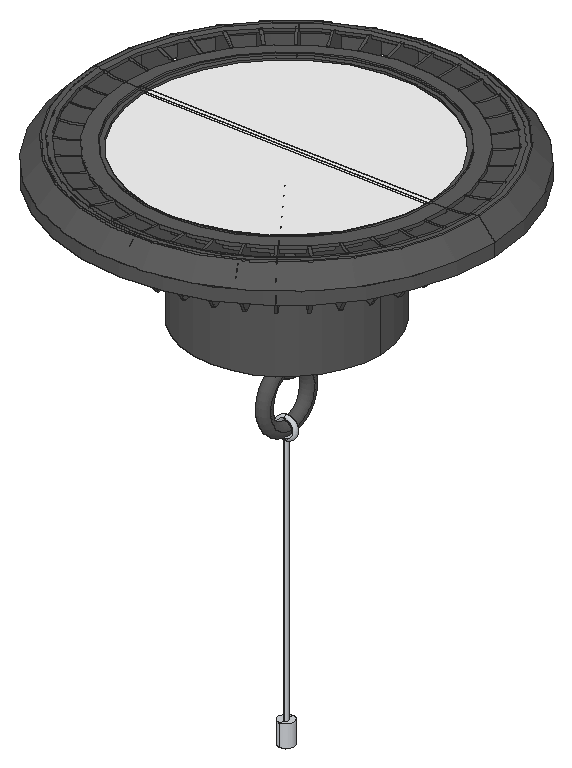
Revit family "0039347 Feilo Sylvania Lighting Fixture START HIGHBAY 4K 13KLM WIDE pendant", category Lighting Fixtures, host Face, Revit 2017
Family settings
  Host = Face
  Round Connector Dimension = Use Diameter
  Part Type = Normal
  OmniClass Number = 23.80.70.00
  OmniClass Title = Lighting
  Cut with Voids When Loaded = No
  Light Source = Yes
  Shared = No
  Room Calculation Point = No
Parameters (values of type "0039347 START HIGHBAY 4K 13KLM WIDE ")
  WidthStraight_FEILO = if(SizeS_FEILO, 3 mm, if(SizeM_FEILO, 4 mm, 4.7 mm))  # 3 mm
  WidthRingChamfer_FEILO = if(SizeS_FEILO, 10.3 mm, if(SizeM_FEILO, 11.2 mm, 12.9 mm))  # 10.3 mm
  WidthCurved_FEILO = if(SizeS_FEILO, 17.4 mm, if(SizeM_FEILO, 16.4 mm, 26.2 mm))  # 17.4 mm
  WidthCurvedRing_FEILO = if(SizeS_FEILO, 3 mm, if(SizeM_FEILO, 4 mm, 4.7 mm))  # 3 mm
  WidthBracket_FEILO = 40 mm
  Weight = "3.0 kg"
  Wattage Comments = ""
  Wattage = 100 W
  WarrantyStartDate [instance] = "n/a"
  WarrantyGuarantorParts = "n/a"
  WarrantyDurationUnit = "n/a"
  WarrantyDurationParts = "n/a"
  WarrantyDescription = "n/a"
  built-in parameter 1150110 = 1 (stored number, unit not read)
  Voltage = 230 V
  VisibilityBracket_FEILO = no
  URL = "http://www.sylvania-lighting.com"
  TypeName = "START HIGHBAY 4K 13KLM WIDE"
  Type Image = <None>
  Type Comments = "n/a"
  built-in parameter 1114217 = 1 (stored number, unit not read)
  Tilt Angle = -90.00°
  ThicknessWall_FEILO = 1.5 mm
  ThicknessBracket_FEILO = 1.5 mm
  ThicknessBracketHalf_FEILO = ThicknessBracket_FEILO / 2  # 0.75 mm
  built-in parameter 1150109 = 1 (stored number, unit not read)
  built-in parameter 1150134 = 12
  SuspensionHeight_FEILO [instance] = 350 mm
  built-in parameter 1150113 = 1 (stored number, unit not read)
  SizeS_FEILO = yes
  SizeM_FEILO = no
  SerialNumber [instance] = "n/a"
  Rib4_FEILO = if(SizeS_FEILO, 18.1 mm, if(SizeM_FEILO, 13.6 mm, 14.6 mm))  # 18.1 mm
  Rib3_FEILO = if(SizeS_FEILO, 15.3 mm, if(SizeM_FEILO, 17.6 mm, 20.2 mm))  # 15.3 mm
  Rib2_FEILO = if(SizeS_FEILO, 3.6 mm, if(SizeM_FEILO, 3.9 mm, 4.5 mm))  # 3.6 mm
  Rib1_FEILO = if(SizeS_FEILO, 15.1 mm, if(SizeM_FEILO, 16.5 mm, 19 mm))  # 15.1 mm
  RadiusDiffuser_FEILO = if(SizeS_FEILO, 95.2 mm, if(SizeM_FEILO, 105.3 mm, 120 mm))  # 95.2 mm
  RadiusArrayPost_FEILO = DriverRadius_FEILO - 6 mm  # 55.4 mm
  RHRadius3_FEILO = if(SizeS_FEILO, 6.6 mm, if(SizeM_FEILO, 7.4 mm, 8.6 mm))  # 6.6 mm
  RHRadius2_FEILO = if(SizeS_FEILO, 11 mm, if(SizeM_FEILO, 12 mm, 14 mm))  # 11 mm
  RHRadius1_FEILO = if(SizeS_FEILO, 13.6 mm, if(SizeM_FEILO, 14.9 mm, 17.7 mm))  # 13.6 mm
  RHHeight4_FEILO = if(SizeS_FEILO, 7.3 mm, if(SizeM_FEILO, 8 mm, 9.2 mm))  # 7.3 mm
  RHHeight3_FEILO = if(SizeS_FEILO, 3.6 mm, if(SizeM_FEILO, 3.7 mm, 4.6 mm))  # 3.6 mm
  RHHeight2_FEILO = if(SizeS_FEILO, 2 mm, if(SizeM_FEILO, 2.2 mm, 2.6 mm))  # 2 mm
  RHHeight1_FEILO = if(SizeS_FEILO, 11.8 mm, if(SizeM_FEILO, 15.3 mm, 17.4 mm))  # 11.8 mm
  Photometric Web File = "0039347.ies"
  Material_3_FEILO = LED-Sylvania-StartHighbay-Glow
  PowerFactor = 0.95
  PowerConsumption = "100 W"
  NominalLength = 270 mm
  NominalHeight = 170 mm
  NominalDepth = 270 mm
  Name = "START HIGHBAY 4K 13KLM WIDE"
  ModelReference = Name  # "START HIGHBAY 4K 13KLM WIDE"
  ModelNumber = "0039347"
  Model = Name  # "START HIGHBAY 4K 13KLM WIDE"
  Material = "aluminium alloy housing, polycarbonate diffuser"
  ManufacturerName = "Feilo Sylvania"
  Manufacturer = "Feilo Sylvania"
  LuminousEfficacy = "130 lm/W"
  built-in parameter 1150105 = 6918.1 (stored number, unit not read)
  Lumens = 13000 lm
  LuminaireType = ""
  built-in parameter 1150115 = 1 (stored number, unit not read)
  LightOutputRatio = "n/a"
  built-in parameter 1150137 = (empty or 0)
  built-in parameter 1150139 = (empty or 0)
  LampsType = Lamp  # "LED"
  LampNominalLuminous = "13000 lm"
  LampMacAdamStep = "n/a"
  LampColourTemperature = "4000 K"
  LampColourRenderingIndex = "80"
  built-in parameter 1150112 = 1 (stored number, unit not read)
  built-in parameter 1150114 = 1 (stored number, unit not read)
  Lamp = "LED"
  Keynote = "16500"
  InstallationDate [instance] = "n/a"
  InputVoltage = "220-240V~"
  InputNominalFrequency = "50/60 Hz"
  built-in parameter 1150132 = (empty or 0)
  built-in parameter 1150102 = (empty or 0)
  built-in parameter 1150107 = 4000 (stored number, unit not read)
  built-in parameter 1150138 = (empty or 0)
  IngressProtection = "IP65"
  ImpactProtectionIndex = "IK08"
  built-in parameter 1150106 = 69.181 (stored number, unit not read)
  IfcExportType = "IfcLightFixtureType"
  IfcExportAs = "IfcLightFixtureType"
  HeightRing_FEILO = if(SizeS_FEILO, 19.8 mm, if(SizeM_FEILO, 32 mm, 36.8 mm))  # 19.8 mm
  HeightRingChamfer_FEILO = if(SizeS_FEILO, 11.7 mm, if(SizeM_FEILO, 23.2 mm, 26.6 mm))  # 11.7 mm
  EyeThickness_FEILO = if(SizeS_FEILO, 8.4 mm, if(SizeM_FEILO, 9.2 mm, 10.5 mm))  # 8.4 mm
  EyeThicknessHalf_FEILO = EyeThickness_FEILO / 2  # 4.2 mm
  EyeInner_FEILO = if(SizeS_FEILO, 13.8 mm, if(SizeM_FEILO, 15.1 mm, 17.3 mm))  # 13.8 mm
  ExpectedLife = 50000
  Emit from Circle Diameter = RadiusDiffuser_FEILO * 2  # 190.4 mm
  Emit Shape Visible in Rendering = no
  ElectricShockClassification = "Class I"
  built-in parameter 1150104 = 12.077 (stored number, unit not read)
  DurationUnit = "hours"
  DriverVerticalStraight_FEILO = if(SizeS_FEILO, 46.5 mm, if(SizeM_FEILO, 49.7 mm, 57 mm))  # 46.5 mm
  DriverVerticalChamfer_FEILO = if(SizeS_FEILO, 7.5 mm, if(SizeM_FEILO, 8.2 mm, 9.5 mm))  # 7.5 mm
  DriverRadius_FEILO = if(SizeS_FEILO, 61.4 mm, if(SizeM_FEILO, 67.2 mm, 76.4 mm))  # 61.4 mm
  DriverRadiusTop_FEILO = if(SizeS_FEILO, 42 mm, if(SizeM_FEILO, 45.3 mm, 52.4 mm))  # 42 mm
  DriverBottom_FEILO = if(SizeS_FEILO, 56 mm, if(SizeM_FEILO, 64.5 mm, 74 mm))  # 56 mm
  DocumentationLiterature = "http://www.sylvania-lighting.com/product/en-int/products/0039347"
  DimmingControlOptions = "n/a"
  Material_2_FEILO = Diffuser-Sylvania-StartHighbay-Transparent
  Radius_FEILO = if(SizeS_FEILO, 135 mm, if(SizeM_FEILO, 148 mm, 169.5 mm))  # 135 mm
  Dimming Lamp Color Temperature Shift = <None>
  DiameterWire_FEILO = 3 mm
  DiameterWireSupport_FEILO = 10 mm
  Description = "START HIGHBAY, includes 1 m cables, black aluminium housing, 13000LM, 100W, 130lm/W, 4000K, Driver current: 2140mA, CR80, 90° beam angle, 1-10V dimmable,  IP65, IK08, 50,000 hrs (L70B50), (LxWxH) 270x270x170mm"
  Default Elevation = 1219.2 mm
  CreatedOn = "2/28/2018"
  CreatedBy = ""
  Cost = 0
  Color Filter = 16777215
  built-in parameter 1114216 [instance] = (empty or 0)
  ClassificationValue = "EF_70_80"
  ClassificationName = "Uniclass2015"
  Material_1_FEILO = Body-Sylvania-StartHighbay-Black
  BarCode [instance] = "n/a"
  built-in parameter 1114218 = 1 (stored number, unit not read)
  built-in parameter 1150133 = 10 (stored number, unit not read)
  AssetType = "Fixed"
  AssetIdentifier [instance] = "n/a"
  Assembly Code = "D5020200"
  Apparent Load = 100 VA
  Material_4_FEILO = none
Reference planes
  plane 1 "Center (Front/Back)": y = 0
  plane 2: z = 0
  plane 3 "Center (Left/Right)": x = 0
  plane 4: z = 350
  plane 5: x = -135
  plane 6: x = -124.7
  plane 7: z = 338.3
  plane 8: z = 330.2
  plane 9: x = -121.7
  plane 10: z = 347.375
  plane 11: x = -104.3
  plane 12: x = -95.2
  plane 13: x = -118.7
  plane 14: z = 348.375
  plane 15: z = 346.375
  plane 16: x = -92.2
  plane 17: z = 345.375
  plane 18: x = -133.5
  plane 19: x = -119.9
  plane 20: z = 326.6
  plane 21: x = -104.6
  plane 22: z = 308.5
  plane 23: x = -20
  plane 24: z = 294
  plane 25: x = -61.4
  plane 26: z = 247.5
  plane 27: x = -42
  plane 28: z = 240
  plane 29: x = -13.6
  plane 30: z = 228.2
  plane 31: z = 226.2
  plane 32: x = -11
  plane 33: z = 222.6
  plane 34: z = 215.3
  plane 35: x = -6.6
  plane 36: z = 201.5
  plane 37: z = 187.7
  plane 38: x = 4.2
  plane 39: x = -4.2
  plane 40: z = 179.3
  plane 41: z = 183.5
  plane 42: x = -129.1
  plane 43: x = -132.5
  plane 44: z = 328.7
  plane 45: x = -123.2
  plane 46: z = 270.75
  plane 47: y = -20
  plane 48: y = 20
  plane 49: x = 135
  plane 50: x = 124.7
  plane 51: x = 133.5
  plane 52: x = 129.1
  plane 53: x = 132.5
  plane 54: x = 123.2
  plane 55: z = 190.7
  plane 56: y = 1.5
  plane 57: y = -1.5
  plane 58: z = 189.2
  plane 59: z = 177.8
  plane 60: z = 176.3
  plane 61: y = -5
  plane 62: y = 5
  plane 63: z = 14
Forms (mm)
  Revolve 1, solid, material "Body-Sylvania-StartHighbay-Black" <- "Material_1_FEILO", detail levels medium+fine
    sketch origin (0, 0, 0) x (1, 0, 0) y (0, 0, 1)
      loop
        line (-135, 330.2) -> (-133.5, 330.2) -> (-133.5, 337.734) -> (-125.012, 347.375) -> (-118.7, 347.375) -> (-118.7, 349.16)
        arc (-118.7, 349.16) -> (-120.206, 349.56) -> (-121.7, 350) r 58.981
        line (-121.7, 350) -> (-124.241, 350)
        arc (-124.241, 350) -> (-124.657, 349.911) -> (-124.999, 349.66) r 1.015
        line (-124.999, 349.66) -> (-135, 338.3) -> (-135, 330.2)
      axis (0, 350) -> (0, 330.2)
    angle from 360 to 0
  Revolve 2, solid, material "Body-Sylvania-StartHighbay-Black" <- "Material_1_FEILO", detail levels medium+fine
    sketch origin (0, 0, 0) x (1, 0, 0) y (0, 0, 1)
      loop
        line (-104.3, 345.375) -> (-95.2, 345.375) -> (-95.2, 338.3) -> (0, 338.3) -> (0, 345.375) -> (-92.2, 345.375) -> (-92.2, 346.375) -> (-95.2, 346.375) -> (-95.2, 347.375) -> (-104.3, 347.375) -> (-104.3, 345.375)
      axis (0, 347.375) -> (0, 338.3)
    angle from 360 to 0
  Revolve 3, solid, material "Diffuser-Sylvania-StartHighbay-Transparent" <- "Material_2_FEILO", detail levels medium+fine
    sketch origin (0, 0, 0) x (1, 0, 0) y (0, 0, 1)
      loop
        line (-95.2, 346.375) -> (0, 346.375) -> (0, 348.375) -> (-95.2, 348.375) -> (-95.2, 346.375)
      axis (0, 348.375) -> (0, 346.375)
    angle from 360 to 0
  Revolve 4, solid, material "Body-Sylvania-StartHighbay-Black" <- "Material_1_FEILO"
    sketch origin (0, 0, 0) x (1, 0, 0) y (0, 0, 1)
      loop
        line (-61.4, 308.5) -> (-61.4, 247.5) -> (-42, 240) -> (-13.6, 240) -> (-13.6, 228.2) -> (-11, 226.2) -> (-11, 222.6) -> (-7.037, 216.026)
        arc (-7.037, 216.026) -> (-6.49, 215.494) -> (-5.753, 215.3) r 1.5
        line (-5.753, 215.3) -> (0, 215.3) -> (0, 308.5) -> (-61.4, 308.5)
      axis (0, 308.5) -> (0, 215.3)
    angle from 360 to 0
  Revolve 5, solid, material "Body-Sylvania-StartHighbay-Black" <- "Material_1_FEILO"
    sketch origin (0, 0, 0) x (1, 0, 0) y (0, 0, 1)
      loop
        circle (0, 183.5) r 4.2
      axis (4.2, 201.5) -> (-4.2, 201.5)
    angle from 360 to 0
  Extrusion 6, solid, material "Body-Sylvania-StartHighbay-Black" <- "Material_1_FEILO", visible <- "VisibilityBracket_FEILO"
    sketch origin (0, 0, 0) x (1, 0, 0) y (0, 0, 1)
      loop
        line (-132.5, 330.2) -> (-132.5, 328.7) -> (-125.45, 328.7)
        arc (-125.45, 328.7) -> (-124.92, 328.48) -> (-124.7, 327.95) r 0.75
        line (-124.7, 327.95) -> (-124.7, 270.75) -> (-123.2, 270.75) -> (-123.2, 328.7)
        arc (-123.2, 328.7) -> (-123.639, 329.761) -> (-124.7, 330.2) r 1.5
        line (-124.7, 330.2) -> (-132.5, 330.2)
      loop
        line (132.5, 330.2) -> (124.7, 330.2)
        arc (124.7, 330.2) -> (123.639, 329.761) -> (123.2, 328.7) r 1.5
        line (123.2, 328.7) -> (123.2, 270.75) -> (124.7, 270.75) -> (124.7, 327.95)
        arc (124.7, 327.95) -> (124.92, 328.48) -> (125.45, 328.7) r 0.75
        line (125.45, 328.7) -> (132.5, 328.7) -> (132.5, 330.2)
    from -20 to 20
  Extrusion 7, void
    sketch origin (0, 0, 0) x (0, 1, 0) y (0, 0, 1)
      loop
        arc (-10, 270.75) -> (-17.071, 273.679) -> (-20, 280.75) r 10
        line (-20, 280.75) -> (-25, 280.75) -> (-25, 265.75) -> (-10, 265.75) -> (-10, 270.75)
      loop
        line (10, 270.75) -> (10, 265.75) -> (25, 265.75) -> (25, 280.75) -> (20, 280.75)
        arc (20, 280.75) -> (17.071, 273.679) -> (10, 270.75) r 10
    from -124.7 to 124.7
  Revolve 8, solid, material "Body-Sylvania-StartHighbay-Black" <- "Material_1_FEILO", detail levels coarse
    sketch origin (0, 0, 0) x (1, 0, 0) y (0, 0, 1)
      loop
        line (0, 350) -> (-124.7, 350) -> (-135, 338.3) -> (-135, 330.2) -> (-119.9, 330.2) -> (-119.9, 326.6) -> (-104.6, 308.5) -> (0, 308.5) -> (0, 350)
      axis (0, 350) -> (0, 308.5)
    angle from 360 to 0
  Revolve 9, solid
    sketch origin (0, 0, 0) x (0, 1, 0) y (0, 0, 1)
      loop
        circle (0, 189.2) r 1.5
      axis (1.5, 183.5) -> (-1.5, 183.5)
    angle from 360 to 0
  Revolve 10, solid
    sketch origin (0, 0, 0) x (0, 1, 0) y (0, 0, 1)
      loop
        line (0, 0) -> (0, 177.8) -> (-1.5, 177.8) -> (-1.5, 14) -> (-5, 14) -> (-5, 0) -> (0, 0)
      axis (0, 0) -> (0, 177.8)
    angle from 360 to 0
Cuts and joins
  Extrusion 7 cuts Extrusion 6
Lines and regions (mm)
  reference lines
    curve 1: line (-135, 0, 338.3) -> (-124.7, 0, 350)
    curve 2: line (-104.3, 0, 347.375) -> (0, 0, 347.375)
    curve 3: arc (-104.3, 0, 347.375) -> (-113.098, 0, 348.035) -> (-121.7, 0, 350) r 58.981
    curve 4: line (-124.7, 0, 350) -> (-121.7, 0, 350)
    curve 5: line (-125.012, 0, 347.375) -> (-133.5, 0, 337.734)
    curve 6: line (-119.9, 0, 326.6) -> (-104.6, 0, 308.5)
    curve 7: line (-11, 0, 222.6) -> (-6.6, 0, 215.3)
    curve 8: circle (0, 0, 183.5) r 4.2 normal (0, -1, 0)
Dimensions and locks
  "Radius_FEILO": plane 3 "Center (Left/Right)" to plane 5
  "WidthRingChamfer_FEILO": plane 6 to plane 5
  "WidthStraight_FEILO": plane 9 to plane 6
  "WidthCurvedRing_FEILO": plane 13 to plane 9
  locked: plane 10 to plane 15 at 1
  locked: plane 14 to plane 10 at 1
  locked: plane 4 to plane 10 at 2.625
  locked: plane 15 to plane 17 at 1
  "ThicknessWall_FEILO": plane 18 to plane 5
  "ThicknessWall_FEILO": curve 5 to curve 1
  "HeightRingChamfer_FEILO": plane 4 to plane 7
  "HeightRing_FEILO": plane 4 to plane 8
  "RadiusDiffuser_FEILO": plane 3 "Center (Left/Right)" to plane 12
  locked: plane 16 to plane 12 at 3
  "WidthCurved_FEILO": plane 11 to plane 9
  "SuspensionHeight_FEILO": plane 4 to plane 2
  "Rib1_FEILO": plane 19 to plane 5
  "Rib2_FEILO": plane 8 to plane 20
  "Rib3_FEILO": plane 21 to plane 19
  "Rib4_FEILO": plane 20 to plane 22
  locked: plane 3 "Center (Left/Right)" to plane 23 at 20
  "DriverBottom_FEILO": plane 4 to plane 24
  "DriverRadius_FEILO": plane 3 "Center (Left/Right)" to plane 25
  "DriverVerticalStraight_FEILO": plane 24 to plane 26
  "DriverRadiusTop_FEILO": plane 3 "Center (Left/Right)" to plane 27
  "DriverVerticalChamfer_FEILO": plane 26 to plane 28
  "RHRadius1_FEILO": plane 3 "Center (Left/Right)" to plane 29
  "RHHeight2_FEILO": plane 30 to plane 31
  "RHRadius2_FEILO": plane 3 "Center (Left/Right)" to plane 32
  "RHHeight3_FEILO": plane 31 to plane 33
  "RHHeight4_FEILO": plane 33 to plane 34
  "RHRadius3_FEILO": plane 3 "Center (Left/Right)" to plane 35
  "RHHeight1_FEILO": plane 28 to plane 30
  "EyeInner_FEILO": plane 34 to plane 36
  "EyeInner_FEILO": plane 36 to plane 37
  equal spacing: plane 38, plane 3 "Center (Left/Right)", plane 39
  "EyeThickness_FEILO": plane 38 to plane 39
  "EyeThickness_FEILO": plane 37 to plane 40
  equal spacing: plane 37, plane 41, plane 40
  equal spacing: plane 6, plane 42, plane 18
  "ThicknessBracket_FEILO": plane 45 to plane 6
  "ThicknessBracket_FEILO": plane 8 to plane 44
  locked: plane 43 to plane 18 at 1
  equal spacing: plane 24, plane 46, plane 26
  equal spacing: plane 47, plane 1 "Center (Front/Back)", plane 48
  "WidthBracket_FEILO": plane 47 to plane 48
  "WidthRingChamfer_FEILO": plane 50 to plane 49
  "ThicknessWall_FEILO": plane 51 to plane 49
  equal spacing: plane 50, plane 52, plane 51
  "ThicknessBracket_FEILO": plane 54 to plane 50
  locked: plane 53 to plane 51 at 1
  "Radius_FEILO": plane 49 to plane 3 "Center (Left/Right)"
  equal spacing: plane 57, imposter light, plane 56
  "DiameterWire_FEILO": plane 57 to plane 56
  "DiameterWire_FEILO": plane 37 to plane 55
  equal spacing: plane 37, plane 58, plane 55
  "DiameterWire_FEILO": plane 60 to plane 40
  equal spacing: plane 60, plane 59, plane 40
  equal spacing: plane 61, plane 1 "Center (Front/Back)", plane 62
  "DiameterWireSupport_FEILO": plane 61 to plane 62
  locked: plane 63 to plane 2 at 14
  "EyeThicknessHalf_FEILO": radius of curve 8
  "ThicknessBracket_FEILO": radius of Extrusion 6 sketch curve  (x2)
  "ThicknessBracketHalf_FEILO": radius of Extrusion 6 sketch curve  (x2)
  "DiameterWire_FEILO": diameter of Revolve 9 sketch curve
  aligned and locked: plane 2 to host face
  aligned and locked: level to host face
  aligned and locked: plane 5 to curve 1
  aligned and locked: plane 6 to curve 1
  aligned and locked: plane 7 to curve 1
  aligned and locked: plane 10 to curve 2
  aligned and locked: plane 9 to curve 3
  aligned and locked: plane 4 to curve 3
  aligned and locked: plane 11 to curve 3
  aligned and locked: plane 4 to curve 4
  aligned and locked: plane 18 to curve 5
  aligned and locked: plane 10 to curve 5
  aligned and locked: Revolve 1 sketch curve to plane 3 "Center (Left/Right)"
  aligned and locked: Revolve 1 sketch curve to curve 3
  aligned and locked: Revolve 1 sketch curve to curve 1
  aligned and locked: plane 4 to Revolve 1 sketch curve
  aligned and locked: plane 9 to Revolve 1 sketch curve
  aligned and locked: Revolve 1 sketch curve to plane 13
  aligned and locked: Revolve 1 sketch curve to plane 10
  aligned and locked: plane 13 to Revolve 1 sketch curve
  aligned and locked: plane 10 to Revolve 1 sketch curve
  aligned and locked: Revolve 1 sketch curve to plane 18
  aligned and locked: Revolve 1 sketch curve to plane 8
  aligned and locked: plane 5 to Revolve 1 sketch curve  (x2)
  aligned and locked: Revolve 2 sketch curve to plane 3 "Center (Left/Right)"
  aligned and locked: plane 11 to Revolve 2 sketch curve
  aligned and locked: Revolve 2 sketch curve to curve 2
  aligned and locked: plane 15 to Revolve 2 sketch curve
  aligned and locked: Revolve 2 sketch curve to plane 16
  aligned and locked: plane 17 to Revolve 2 sketch curve  (x2)
  aligned and locked: Revolve 2 sketch curve to plane 12
  aligned and locked: plane 7 to Revolve 2 sketch curve
  aligned and locked: Revolve 3 sketch curve to plane 3 "Center (Left/Right)"
  aligned and locked: Revolve 3 sketch curve to plane 14
  aligned and locked: plane 3 "Center (Left/Right)" to Revolve 3 sketch curve
  aligned and locked: Revolve 3 sketch curve to plane 12
  aligned and locked: plane 15 to Revolve 3 sketch curve
  aligned and locked: Revolve 1 sketch curve to curve 5
  aligned and locked: plane 22 to curve 6
  aligned and locked: plane 21 to curve 6
  aligned and locked: plane 20 to curve 6
  aligned and locked: plane 19 to curve 6
  aligned and locked: plane 33 to curve 7
  aligned and locked: plane 32 to curve 7
  aligned and locked: plane 35 to curve 7
  aligned and locked: plane 34 to curve 7
  aligned and locked: Revolve 4 sketch curve to plane 3 "Center (Left/Right)"
  aligned and locked: Revolve 4 sketch curve to plane 25
  aligned and locked: plane 27 to Revolve 4 sketch curve
  aligned and locked: plane 28 to Revolve 4 sketch curve
  aligned and locked: plane 30 to Revolve 4 sketch curve
  aligned and locked: Revolve 4 sketch curve to plane 29
  aligned and locked: plane 31 to Revolve 4 sketch curve
  aligned and locked: Revolve 4 sketch curve to curve 7
  aligned and locked: Revolve 4 sketch curve to plane 32
  aligned and locked: plane 34 to Revolve 4 sketch curve
  aligned and locked: plane 3 "Center (Left/Right)" to Revolve 4 sketch curve
  aligned and locked: plane 3 "Center (Left/Right)" to curve 8
  aligned and locked: plane 41 to curve 8
  aligned and locked: Revolve 5 sketch curve to plane 36
  aligned and locked: Revolve 5 sketch curve to curve 8
  aligned and locked: plane 43 to Extrusion 6 sketch curve  (x2)
  aligned and locked: plane 8 to Extrusion 6 sketch curve  (x3)
  aligned and locked: Extrusion 6 sketch curve to plane 45
  aligned and locked: Extrusion 6 sketch curve to plane 46  (x2)
  aligned and locked: plane 6 to Extrusion 6 sketch curve
  aligned and locked: Extrusion 6 sketch curve to plane 44  (x2)
  aligned and locked: Extrusion 6 to plane 48
  aligned and locked: plane 47 to Extrusion 6
  aligned and locked: plane 53 to Extrusion 6 sketch curve
  aligned and locked: plane 50 to Extrusion 6 sketch curve
  aligned and locked: Extrusion 6 sketch curve to plane 54
  aligned and locked: Extrusion 7 sketch curve to Extrusion 7 sketch curve
  aligned and locked: Extrusion 7 to plane 6
  aligned and locked: Extrusion 7 to Extrusion 6
  aligned and locked: Revolve 4 sketch curve to plane 22
  aligned and locked: plane 23 to nested 1
  aligned and locked: plane 1 "Center (Front/Back)" to nested 1
  aligned and locked: Revolve 8 sketch curve to plane 3 "Center (Left/Right)"
  aligned and locked: Revolve 8 sketch curve to plane 4
  aligned and locked: plane 6 to Revolve 8 sketch curve
  aligned and locked: plane 4 to Revolve 8 sketch curve
  aligned and locked: plane 7 to Revolve 8 sketch curve
  aligned and locked: Revolve 8 sketch curve to plane 5
  aligned and locked: plane 8 to Revolve 8 sketch curve  (x2)
  aligned and locked: Revolve 8 sketch curve to plane 19
  aligned and locked: plane 20 to Revolve 8 sketch curve
  aligned and locked: plane 19 to Revolve 8 sketch curve
  aligned and locked: plane 21 to Revolve 8 sketch curve
  aligned and locked: plane 22 to Revolve 8 sketch curve  (x2)
  aligned and locked: Revolve 8 sketch curve to Revolve 8 sketch curve
  aligned and locked: imposter light to plane 4
  aligned and locked: plane 3 "Center (Left/Right)" to imposter light
  aligned and locked: imposter light to plane 1 "Center (Front/Back)"
  aligned and locked: Revolve 9 sketch curve to plane 41
  aligned and locked: Revolve 10 sketch curve to plane 1 "Center (Front/Back)"
  aligned and locked: plane 1 "Center (Front/Back)" to Revolve 10 sketch curve  (x2)
  aligned and locked: host face to Revolve 10 sketch curve
  aligned and locked: plane 63 to Revolve 10 sketch curve
  aligned and locked: Revolve 10 sketch curve to plane 61
  aligned and locked: Revolve 10 sketch curve to plane 57
  aligned and locked: plane 59 to Revolve 10 sketch curve
Automatic sketch dimensions
  host sketch curve to host sketch curve = 2438.4 mm  (x2)
  curve 2 to plane 3 "Center (Left/Right)" = 0 mm
  Revolve 1 sketch curve to plane 6 = 0.299 mm
  plane 6 to Revolve 1 sketch curve = 0.459 mm
  Revolve 1 sketch curve to level = 609.6 mm
  Revolve 1 sketch curve to Revolve 1 sketch curve = 2312.223 mm
  Revolve 2 sketch curve to plane 12 = 0 mm
  Revolve 2 sketch curve to plane 3 "Center (Left/Right)" = 0 mm
  Revolve 2 sketch curve to level = 609.6 mm
  Revolve 2 sketch curve to plane 4 = 2339.058 mm
  Revolve 3 sketch curve to level = 609.6 mm
  Revolve 3 sketch curve to plane 4 = 2339.058 mm
  Revolve 5 sketch curve to plane 5 = 1080 mm
  plane 38 to Revolve 5 sketch curve = 1219.2 mm
  Extrusion 7 sketch curve to plane 47 = 0 mm
  plane 46 to Extrusion 7 sketch curve = 0 mm  (x2)
  Extrusion 7 sketch curve to plane 48 = 0 mm
  plane 47 to Extrusion 7 sketch curve = 5 mm
  plane 1 "Center (Front/Back)" to Extrusion 7 sketch curve = 10 mm
  Extrusion 7 sketch curve to Extrusion 7 sketch curve = 10 mm
  plane 46 to Extrusion 7 sketch curve = 5 mm
  Extrusion 7 sketch curve to Extrusion 7 sketch curve = 5 mm
  Extrusion 7 sketch curve to plane 48 = 5 mm
  Revolve 4 sketch curve to plane 26 = 0 mm
  Revolve 4 sketch curve to plane 35 = 0.437 mm
  plane 35 to Revolve 4 sketch curve = 0.847 mm
  Revolve 4 sketch curve to plane 34 = 0.726 mm
  plane 40 to Revolve 4 sketch curve = 590.2 mm
  Revolve 4 sketch curve to plane 4 = 2339.058 mm
  Revolve 8 sketch curve to level = 609.6 mm
  Revolve 8 sketch curve to Revolve 8 sketch curve = 2386.058 mm
  Revolve 9 sketch curve to plane 1 "Center (Front/Back)" = 0 mm
  plane 58 to Revolve 9 sketch curve = 0 mm
  plane 47 to Revolve 9 sketch curve = 2534.941 mm
  Revolve 9 sketch curve to plane 48 = 2077.409 mm
  Revolve 10 sketch curve to Revolve 10 sketch curve = 609.6 mm
  Revolve 10 sketch curve to plane 4 = 2123.807 mm
Nested families
  nested 1: "Start Highbay Rib" at (0, 0, 347.375), type "Type Name", detail levels medium+fine
    with SuspensionHeight_FEILO 2.6 mm
  nested 2: "Start Highbay Rib" at (0, 0, 347.375) x (0.9877, 0.1564, 0) z (0, 0, 1), type "Type Name", detail levels medium+fine
    with SuspensionHeight_FEILO 2.6 mm
  nested 3: "Start Highbay Rib" at (0, 0, 347.375) x (0.9511, 0.309, 0) z (0, 0, 1), type "Type Name", detail levels medium+fine
    with SuspensionHeight_FEILO 2.6 mm
  nested 4: "Start Highbay Rib" at (0, 0, 347.375) x (0.891, 0.454, 0) z (0, 0, 1), type "Type Name", detail levels medium+fine
    with SuspensionHeight_FEILO 2.6 mm
  nested 5: "Start Highbay Rib" at (0, 0, 347.375) x (0.809, 0.5878, 0) z (0, 0, 1), type "Type Name", detail levels medium+fine
    with SuspensionHeight_FEILO 2.6 mm
  nested 6: "Start Highbay Rib" at (0, 0, 347.375) x (0.7071, 0.7071, 0) z (0, 0, 1), type "Type Name", detail levels medium+fine
    with SuspensionHeight_FEILO 2.6 mm
  nested 7: "Start Highbay Rib" at (0, 0, 347.375) x (0.5878, 0.809, 0) z (0, 0, 1), type "Type Name", detail levels medium+fine
    with SuspensionHeight_FEILO 2.6 mm
  nested 8: "Start Highbay Rib" at (0, 0, 347.375) x (0.454, 0.891, 0) z (0, 0, 1), type "Type Name", detail levels medium+fine
    with SuspensionHeight_FEILO 2.6 mm
  nested 9: "Start Highbay Rib" at (0, 0, 347.375) x (0.309, 0.9511, 0) z (0, 0, 1), type "Type Name", detail levels medium+fine
    with SuspensionHeight_FEILO 2.6 mm
  nested 10: "Start Highbay Rib" at (0, 0, 347.375) x (0.1564, 0.9877, 0) z (0, 0, 1), type "Type Name", detail levels medium+fine
    with SuspensionHeight_FEILO 2.6 mm
  nested 11: "Start Highbay Rib" at (0, 0, 347.375) x (0, 1, 0) z (0, 0, 1), type "Type Name", detail levels medium+fine
    with SuspensionHeight_FEILO 2.6 mm
  nested 12: "Start Highbay Rib" at (0, 0, 347.375) x (-0.1564, 0.9877, 0) z (0, 0, 1), type "Type Name", detail levels medium+fine
    with SuspensionHeight_FEILO 2.6 mm
  nested 13: "Start Highbay Rib" at (0, 0, 347.375) x (-0.309, 0.9511, 0) z (0, 0, 1), type "Type Name", detail levels medium+fine
    with SuspensionHeight_FEILO 2.6 mm
  nested 14: "Start Highbay Rib" at (0, 0, 347.375) x (-0.454, 0.891, 0) z (0, 0, 1), type "Type Name", detail levels medium+fine
    with SuspensionHeight_FEILO 2.6 mm
  nested 15: "Start Highbay Rib" at (0, 0, 347.375) x (-0.5878, 0.809, 0) z (0, 0, 1), type "Type Name", detail levels medium+fine
    with SuspensionHeight_FEILO 2.6 mm
  nested 16: "Start Highbay Rib" at (0, 0, 347.375) x (-0.7071, 0.7071, 0) z (0, 0, 1), type "Type Name", detail levels medium+fine
    with SuspensionHeight_FEILO 2.6 mm
  nested 17: "Start Highbay Rib" at (0, 0, 347.375) x (-0.809, 0.5878, 0) z (0, 0, 1), type "Type Name", detail levels medium+fine
    with SuspensionHeight_FEILO 2.6 mm
  nested 18: "Start Highbay Rib" at (0, 0, 347.375) x (-0.891, 0.454, 0) z (0, 0, 1), type "Type Name", detail levels medium+fine
    with SuspensionHeight_FEILO 2.6 mm
  nested 19: "Start Highbay Rib" at (0, 0, 347.375) x (-0.9511, 0.309, 0) z (0, 0, 1), type "Type Name", detail levels medium+fine
    with SuspensionHeight_FEILO 2.6 mm
  nested 20: "Start Highbay Rib" at (0, 0, 347.375) x (-0.9877, 0.1564, 0) z (0, 0, 1), type "Type Name", detail levels medium+fine
    with SuspensionHeight_FEILO 2.6 mm
  nested 21: "Start Highbay Rib" at (0, 0, 347.375) x (-1, 0, 0) z (0, 0, 1), type "Type Name", detail levels medium+fine
    with SuspensionHeight_FEILO 2.6 mm
  nested 22: "Start Highbay Rib" at (0, 0, 347.375) x (-0.9877, -0.1564, 0) z (0, 0, 1), type "Type Name", detail levels medium+fine
    with SuspensionHeight_FEILO 2.6 mm
  nested 23: "Start Highbay Rib" at (0, 0, 347.375) x (-0.9511, -0.309, 0) z (0, 0, 1), type "Type Name", detail levels medium+fine
    with SuspensionHeight_FEILO 2.6 mm
  nested 24: "Start Highbay Rib" at (0, 0, 347.375) x (-0.891, -0.454, 0) z (0, 0, 1), type "Type Name", detail levels medium+fine
    with SuspensionHeight_FEILO 2.6 mm
  nested 25: "Start Highbay Rib" at (0, 0, 347.375) x (-0.809, -0.5878, 0) z (0, 0, 1), type "Type Name", detail levels medium+fine
    with SuspensionHeight_FEILO 2.6 mm
  nested 26: "Start Highbay Rib" at (0, 0, 347.375) x (-0.7071, -0.7071, 0) z (0, 0, 1), type "Type Name", detail levels medium+fine
    with SuspensionHeight_FEILO 2.6 mm
  nested 27: "Start Highbay Rib" at (0, 0, 347.375) x (-0.5878, -0.809, 0) z (0, 0, 1), type "Type Name", detail levels medium+fine
    with SuspensionHeight_FEILO 2.6 mm
  nested 28: "Start Highbay Rib" at (0, 0, 347.375) x (-0.454, -0.891, 0) z (0, 0, 1), type "Type Name", detail levels medium+fine
    with SuspensionHeight_FEILO 2.6 mm
  nested 29: "Start Highbay Rib" at (0, 0, 347.375) x (-0.309, -0.9511, 0) z (0, 0, 1), type "Type Name", detail levels medium+fine
    with SuspensionHeight_FEILO 2.6 mm
  nested 30: "Start Highbay Rib" at (0, 0, 347.375) x (-0.1564, -0.9877, 0) z (0, 0, 1), type "Type Name", detail levels medium+fine
    with SuspensionHeight_FEILO 2.6 mm
  nested 31: "Start Highbay Rib" at (0, 0, 347.375) x (0, -1, 0) z (0, 0, 1), type "Type Name", detail levels medium+fine
    with SuspensionHeight_FEILO 2.6 mm
  nested 32: "Start Highbay Rib" at (0, 0, 347.375) x (0.1564, -0.9877, 0) z (0, 0, 1), type "Type Name", detail levels medium+fine
    with SuspensionHeight_FEILO 2.6 mm
  nested 33: "Start Highbay Rib" at (0, 0, 347.375) x (0.309, -0.9511, 0) z (0, 0, 1), type "Type Name", detail levels medium+fine
    with SuspensionHeight_FEILO 2.6 mm
  nested 34: "Start Highbay Rib" at (0, 0, 347.375) x (0.454, -0.891, 0) z (0, 0, 1), type "Type Name", detail levels medium+fine
    with SuspensionHeight_FEILO 2.6 mm
  nested 35: "Start Highbay Rib" at (0, 0, 347.375) x (0.5878, -0.809, 0) z (0, 0, 1), type "Type Name", detail levels medium+fine
    with SuspensionHeight_FEILO 2.6 mm
  nested 36: "Start Highbay Rib" at (0, 0, 347.375) x (0.7071, -0.7071, 0) z (0, 0, 1), type "Type Name", detail levels medium+fine
    with SuspensionHeight_FEILO 2.6 mm
  nested 37: "Start Highbay Rib" at (0, 0, 347.375) x (0.809, -0.5878, 0) z (0, 0, 1), type "Type Name", detail levels medium+fine
    with SuspensionHeight_FEILO 2.6 mm
  nested 38: "Start Highbay Rib" at (0, 0, 347.375) x (0.891, -0.454, 0) z (0, 0, 1), type "Type Name", detail levels medium+fine
    with SuspensionHeight_FEILO 2.6 mm
  nested 39: "Start Highbay Rib" at (0, 0, 347.375) x (0.9511, -0.309, 0) z (0, 0, 1), type "Type Name", detail levels medium+fine
    with SuspensionHeight_FEILO 2.6 mm
  nested 40: "Start Highbay Rib" at (0, 0, 347.375) x (0.9877, -0.1564, 0) z (0, 0, 1), type "Type Name", detail levels medium+fine
    with SuspensionHeight_FEILO 2.6 mm
Connectors
  electrical at (0, 0, 0), driven by "Apparent Load", driven by "PowerFactor", driven by "Voltage"
    settings: index 1, voltage 230 V, apparent load 100 VA, apparent load phase1 0 VA, apparent load phase2 0 VA, apparent load phase3 0 VA, power factor 0.95, load classification "Lighting", number of poles 1, system type 30, power factor state 1, is connector primary yes, connector utility no, sub classification motor no, connector description ""
Definition of nested family "Start Highbay Rib"
  Parameters (values of type "Type Name")
    WidthStraight_FEILO = if(SizeS_FEILO, 3 mm, if(SizeM_FEILO, 4 mm, 4.7 mm))  # 3 mm
    WidthRingChamfer_FEILO = if(SizeS_FEILO, 10.3 mm, if(SizeM_FEILO, 11.2 mm, 12.9 mm))  # 10.3 mm
    WidthCurved_FEILO = if(SizeS_FEILO, 17.4 mm, if(SizeM_FEILO, 16.4 mm, 26.2 mm))  # 17.4 mm
    WidthCurvedRing_FEILO = if(SizeS_FEILO, 3 mm, if(SizeM_FEILO, 4 mm, 4.7 mm))  # 3 mm
    WidthBracket_FEILO = 40 mm
    URL = "http://www.feilosylvania.com"
    Type Image = (empty or 0)
    Type Comments = "n/a"
    ThicknessWall_FEILO = 1.5 mm
    ThicknessBracket_FEILO = 1.5 mm
    ThicknessBracketHalf_FEILO = ThicknessBracket_FEILO / 2  # 0.75 mm
    SuspensionHeight_FEILO [instance] = 2.6 mm
    SizeS_FEILO = yes
    SizeM_FEILO = no
    Rib4_FEILO = if(SizeS_FEILO, 18.1 mm, if(SizeM_FEILO, 13.6 mm, 14.6 mm))  # 18.1 mm
    Rib3_FEILO = if(SizeS_FEILO, 15.3 mm, if(SizeM_FEILO, 17.6 mm, 20.2 mm))  # 15.3 mm
    Rib2_FEILO = if(SizeS_FEILO, 3.6 mm, if(SizeM_FEILO, 3.9 mm, 4.5 mm))  # 3.6 mm
    Rib1_FEILO = if(SizeS_FEILO, 15.1 mm, if(SizeM_FEILO, 16.5 mm, 19 mm))  # 15.1 mm
    RadiusRib_FEILO = 2 mm
    RadiusDiffuser_FEILO = if(SizeS_FEILO, 95.2 mm, if(SizeM_FEILO, 105.3 mm, 120 mm))  # 95.2 mm
    RHRadius3_FEILO = if(SizeS_FEILO, 6.6 mm, if(SizeM_FEILO, 7.4 mm, 8.6 mm))  # 6.6 mm
    RHRadius2_FEILO = if(SizeS_FEILO, 11 mm, if(SizeM_FEILO, 12 mm, 14 mm))  # 11 mm
    RHRadius1_FEILO = if(SizeS_FEILO, 13.6 mm, if(SizeM_FEILO, 14.9 mm, 17.7 mm))  # 13.6 mm
    RHHeight4_FEILO = if(SizeS_FEILO, 7.3 mm, if(SizeM_FEILO, 8 mm, 9.2 mm))  # 7.3 mm
    RHHeight3_FEILO = if(SizeS_FEILO, 3.6 mm, if(SizeM_FEILO, 3.7 mm, 4.6 mm))  # 3.6 mm
    RHHeight2_FEILO = if(SizeS_FEILO, 2 mm, if(SizeM_FEILO, 2.2 mm, 2.6 mm))  # 2 mm
    RHHeight1_FEILO = if(SizeS_FEILO, 11.8 mm, if(SizeM_FEILO, 15.3 mm, 17.4 mm))  # 11.8 mm
    Material_3_FEILO = none
    Model = ""
    Manufacturer = "Feilo Sylvania"
    Keynote = "16500"
    HeightRing_FEILO = if(SizeS_FEILO, 19.8 mm, if(SizeM_FEILO, 32 mm, 36.8 mm))  # 19.8 mm
    HeightRingChamfer_FEILO = if(SizeS_FEILO, 11.7 mm, if(SizeM_FEILO, 23.2 mm, 26.6 mm))  # 11.7 mm
    EyeThickness_FEILO = if(SizeS_FEILO, 8.4 mm, if(SizeM_FEILO, 9.2 mm, 10.5 mm))  # 8.4 mm
    EyeThicknessHalf_FEILO = EyeThickness_FEILO / 2  # 4.2 mm
    EyeInner_FEILO = if(SizeS_FEILO, 13.8 mm, if(SizeM_FEILO, 15.1 mm, 17.3 mm))  # 13.8 mm
    DriverVerticalStraight_FEILO = if(SizeS_FEILO, 46.5 mm, if(SizeM_FEILO, 49.7 mm, 57 mm))  # 46.5 mm
    DriverVerticalChamfer_FEILO = if(SizeS_FEILO, 7.5 mm, if(SizeM_FEILO, 8.2 mm, 9.5 mm))  # 7.5 mm
    DriverRadius_FEILO = if(SizeS_FEILO, 61.4 mm, if(SizeM_FEILO, 67.2 mm, 76.4 mm))  # 61.4 mm
    DriverRadiusTop_FEILO = if(SizeS_FEILO, 42 mm, if(SizeM_FEILO, 45.3 mm, 52.4 mm))  # 42 mm
    DriverBottom_FEILO = if(SizeS_FEILO, 56 mm, if(SizeM_FEILO, 64.5 mm, 74 mm))  # 56 mm
    Material_2_FEILO = none
    Radius_FEILO = if(SizeS_FEILO, 135 mm, if(SizeM_FEILO, 148 mm, 169.5 mm))  # 135 mm
    Description = ""
    Default Elevation = 1219.2 mm
    Cost = 0
    Material_1_FEILO = none
    Assembly Code = "D5020200"
    Material_4_FEILO = none
  Reference planes
    plane 1 "Center (Front/Back)": y = 0
    plane 2: z = 0
    plane 3 "Center (Left/Right)": x = 0
    plane 4: z = 2.6
    plane 5: x = -135
    plane 6: x = -124.7
    plane 7: z = -9.1
    plane 8: z = -17.2
    plane 9: x = -121.7
    plane 10: z = -0.025
    plane 11: x = -104.3
    plane 12: x = -95.2
    plane 13: x = -118.7
    plane 14: z = 0.975
    plane 15: z = -1.025
    plane 16: x = -92.2
    plane 17: z = -2.025
    plane 18: x = -133.5
    plane 19: x = -119.9
    plane 20: z = -20.8
    plane 21: x = -104.6
    plane 22: z = -38.9
    plane 23: x = -20
    plane 24: z = -53.4
    plane 25: x = -61.4
    plane 26: z = -99.9
    plane 27: x = -42
    plane 28: z = -107.4
    plane 29: x = -13.6
    plane 30: z = -119.2
    plane 31: z = -121.2
    plane 32: x = -11
    plane 33: z = -124.8
    plane 34: z = -132.1
    plane 35: x = -6.6
    plane 36: z = -145.9
    plane 37: z = -159.7
    plane 38: x = 4.2
    plane 39: x = -4.2
    plane 40: z = -168.1
    plane 41: z = -163.9
    plane 42: x = -129.1
    plane 43: x = -132.5
    plane 44: z = -18.7
    plane 45: x = -123.2
    plane 46: z = -76.65
    plane 47: y = -20
    plane 48: y = 20
    plane 49: x = 135
    plane 50: x = 124.7
    plane 51: x = 133.5
    plane 52: x = 129.1
    plane 53: x = 132.5
    plane 54: x = 123.2
    plane 55: y = 0.75
    plane 56: y = -0.75
  Forms (mm)
    Extrusion 1, solid
      sketch origin (4.2, 0, 0) x (1, 0, 0) y (0, 1, 0)
        loop
          line (-1219.2, 1219.2) -> (-1219.2, -1219.2) -> (1219.2, -1219.2) -> (1219.2, 1219.2) -> (-1219.2, 1219.2)
      from 0 to -68.017
    Extrusion 2, solid, material <- "Material_1_FEILO"
      sketch origin (0, 0, 0) x (1, 0, 0) y (0, 0, 1)
        loop
          arc (-104.3, -0.025) -> (-111.555, 0.423) -> (-118.7, 1.76) r 58.981
          line (-118.7, 1.76) -> (-118.7, -0.025) -> (-125.012, -0.025) -> (-133.5, -9.666) -> (-133.5, -17.2) -> (-119.9, -17.2) -> (-119.9, -20.068)
          arc (-119.9, -20.068) -> (-119.778, -20.755) -> (-119.427, -21.359) r 2
          line (-119.427, -21.359) -> (-104.966, -38.467)
          arc (-104.966, -38.467) -> (-104.381, -38.789) -> (-103.723, -38.9) r 2
          line (-103.723, -38.9) -> (-20, -38.9) -> (-20, -9.1) -> (-95.2, -9.1) -> (-95.2, -2.025) -> (-104.3, -2.025) -> (-104.3, -0.025)
      from -0.75 to 0.75
  Lines and regions (mm)
    reference lines
      curve 1: line (-135, 0, -9.1) -> (-124.7, 0, 2.6)
      curve 2: line (-104.3, 0, -0.025) -> (0, 0, -0.025)
      curve 3: arc (-104.3, 0, -0.025) -> (-113.098, 0, 0.635) -> (-121.7, 0, 2.6) r 58.981
      curve 4: line (-124.7, 0, 2.6) -> (-121.7, 0, 2.6)
      curve 5: line (-125.012, 0, -0.025) -> (-133.5, 0, -9.666)
      curve 6: line (-119.9, 0, -20.8) -> (-104.6, 0, -38.9)
  Dimensions and locks
    "Radius_FEILO": plane 3 "Center (Left/Right)" to plane 5
    "WidthRingChamfer_FEILO": plane 6 to plane 5
    "WidthStraight_FEILO": plane 9 to plane 6
    "WidthCurvedRing_FEILO": plane 13 to plane 9
    locked: plane 10 to plane 15 at 1
    locked: plane 14 to plane 10 at 1
    locked: plane 4 to plane 10 at 2.625
    locked: plane 15 to plane 17 at 1
    "ThicknessWall_FEILO": plane 18 to plane 5
    "ThicknessWall_FEILO": curve 5 to curve 1
    "HeightRingChamfer_FEILO": plane 4 to plane 7
    "HeightRing_FEILO": plane 4 to plane 8
    "RadiusDiffuser_FEILO": plane 3 "Center (Left/Right)" to plane 12
    locked: plane 16 to plane 12 at 3
    "WidthCurved_FEILO": plane 11 to plane 9
    "SuspensionHeight_FEILO": plane 4 to plane 2
    "Rib1_FEILO": plane 19 to plane 5
    "Rib2_FEILO": plane 8 to plane 20
    "Rib3_FEILO": plane 21 to plane 19
    "Rib4_FEILO": plane 20 to plane 22
    locked: plane 3 "Center (Left/Right)" to plane 23 at 20
    "DriverBottom_FEILO": plane 4 to plane 24
    "DriverRadius_FEILO": plane 3 "Center (Left/Right)" to plane 25
    "DriverVerticalStraight_FEILO": plane 24 to plane 26
    "DriverRadiusTop_FEILO": plane 3 "Center (Left/Right)" to plane 27
    "DriverVerticalChamfer_FEILO": plane 26 to plane 28
    "RHRadius1_FEILO": plane 3 "Center (Left/Right)" to plane 29
    "RHHeight2_FEILO": plane 30 to plane 31
    "RHRadius2_FEILO": plane 3 "Center (Left/Right)" to plane 32
    "RHHeight3_FEILO": plane 31 to plane 33
    "RHHeight4_FEILO": plane 33 to plane 34
    "RHRadius3_FEILO": plane 3 "Center (Left/Right)" to plane 35
    "RHHeight1_FEILO": plane 28 to plane 30
    "EyeInner_FEILO": plane 34 to plane 36
    "EyeInner_FEILO": plane 36 to plane 37
    equal spacing: plane 38, plane 3 "Center (Left/Right)", plane 39
    "EyeThickness_FEILO": plane 38 to plane 39
    "EyeThickness_FEILO": plane 37 to plane 40
    equal spacing: plane 37, plane 41, plane 40
    equal spacing: plane 6, plane 42, plane 18
    "ThicknessBracket_FEILO": plane 45 to plane 6
    "ThicknessBracket_FEILO": plane 8 to plane 44
    locked: plane 43 to plane 18 at 1
    equal spacing: plane 24, plane 46, plane 26
    equal spacing: plane 47, plane 1 "Center (Front/Back)", plane 48
    "WidthBracket_FEILO": plane 47 to plane 48
    "WidthRingChamfer_FEILO": plane 50 to plane 49
    "ThicknessWall_FEILO": plane 51 to plane 49
    equal spacing: plane 50, plane 52, plane 51
    "ThicknessBracket_FEILO": plane 54 to plane 50
    locked: plane 53 to plane 51 at 1
    "Radius_FEILO": plane 49 to plane 3 "Center (Left/Right)"
    equal spacing: plane 56, plane 1 "Center (Front/Back)", plane 55
    "ThicknessWall_FEILO": plane 56 to plane 55
    "RadiusRib_FEILO": radius of Extrusion 2 sketch curve  (x2)
    aligned and locked: plane 2 to Extrusion 1
    aligned and locked: level to Extrusion 1
    aligned and locked: plane 5 to curve 1
    aligned and locked: plane 6 to curve 1
    aligned and locked: plane 7 to curve 1
    aligned and locked: plane 10 to curve 2
    aligned and locked: plane 9 to curve 3
    aligned and locked: plane 4 to curve 3
    aligned and locked: plane 11 to curve 3
    aligned and locked: plane 4 to curve 4
    aligned and locked: plane 18 to curve 5
    aligned and locked: plane 10 to curve 5
    aligned and locked: plane 22 to curve 6
    aligned and locked: plane 21 to curve 6
    aligned and locked: plane 20 to curve 6
    aligned and locked: plane 19 to curve 6
    aligned and locked: Extrusion 2 sketch curve to plane 23
    aligned and locked: Extrusion 2 sketch curve to plane 22
    aligned and locked: Extrusion 2 sketch curve to curve 6
    aligned and locked: plane 19 to Extrusion 2 sketch curve
    aligned and locked: Extrusion 2 sketch curve to plane 8
    aligned and locked: Extrusion 2 sketch curve to curve 5
    aligned and locked: Extrusion 2 sketch curve to curve 3
    aligned and locked: Extrusion 2 to plane 55
    aligned and locked: plane 56 to Extrusion 2
    aligned and locked: curve 6 to Extrusion 2 sketch curve
  Automatic sketch dimensions
    Extrusion 1 sketch curve to Extrusion 1 sketch curve = 2438.4 mm  (x2)
    curve 2 to plane 3 "Center (Left/Right)" = 0 mm
    Extrusion 2 sketch curve to plane 18 = 0 mm
    Extrusion 2 sketch curve to plane 10 = 0 mm
    Extrusion 2 sketch curve to plane 13 = 0 mm
    Extrusion 2 sketch curve to plane 7 = 0 mm
    Extrusion 2 sketch curve to plane 12 = 0 mm
    Extrusion 2 sketch curve to plane 17 = 0 mm
    plane 19 to Extrusion 2 sketch curve = 0.473 mm
    Extrusion 2 sketch curve to plane 21 = 0.366 mm
